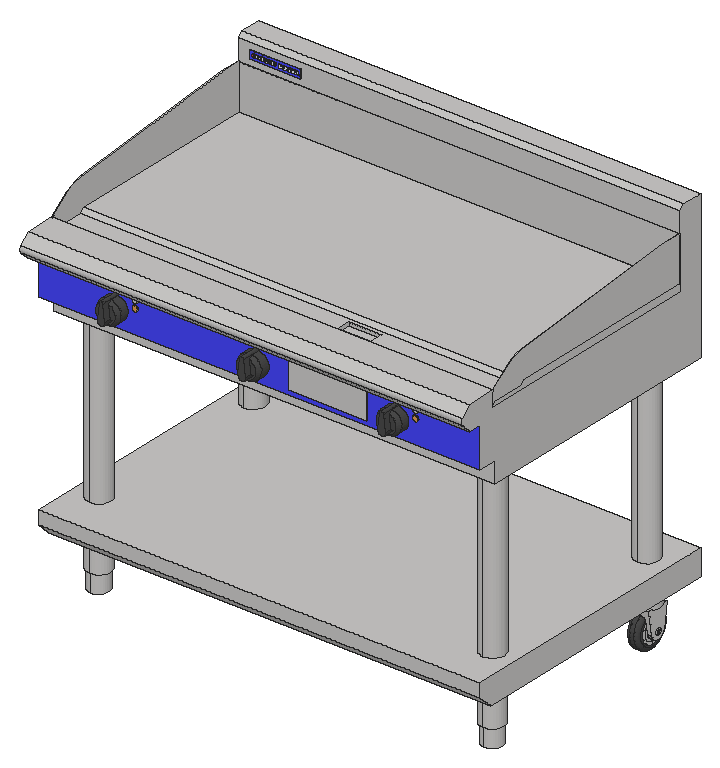
Revit family "QF_MOFFAT_BLUESEAL_CE_EP518-LS", category Specialty Equipment, Revit 2012
Parameters
  Weight in Pounds = 294  # constant formula
  Width [instance] = 1200 mm  # constant formula
  Watts = 18000 W
  Volts = 400 V
  URL Cutsheet = "www.moffat.com"
  URL = "www.moffat.com"
  Type Mark [instance] = ""
  Status [instance] = ""
  Specification by User [instance] = ""
  Specification by Manufacturer = ""
  Show Logo [instance] = yes
  Show Casters [instance] = yes
  Serial Number = ""
  Seismic Rating = ""
  SMACNA No = ""
  Revision Code [instance] = ""
  Phase = 3
  Omniclass Number and Title = ""
  Number of Poles = 1
  NAFEM Spec ID Number = ""
  Model = "EP518-LS"
  Min Ckt Ampacity = 0 A
  Max Overcurrent Protection = 0 A
  Masterspec = ""
  Manufacturer = "MOFFAT BLUESEAL"
  Legs [instance] = not(Show Casters)  # no
  Item Number [instance] = ""
  Installed By [instance] = ""
  Identify Quantity as Lot [instance] = yes
  Height = 970 mm  # constant formula
  HP = ""
  Furnished By [instance] = ""
  Foodservice Equipment Identifier [instance] = yes
  FL Amps = 25 A
  Electrical Remarks [instance] = "25A PER PHASE"
  Elec Conn RI Height = 0 mm
  Elec Conn Connection Height = 0 mm
  Description = "1200MM ELECTRIC GRIDDLE PLATE ON LEG STAND"
  Depth [instance] = 812 mm  # constant formula
  Cycle = 50 Hz
  Conn Plug = ""
  Conn Conduit = yes
  CSI MasterFormat = ""
  CSI Master Format = ""
  Back Splash [instance] = 215 mm  # constant formula
  Apparent Power = if(Phase = 3, Volts * FL Amps * 1.73, Volts * FL Amps)  # 17300 VA
Reference planes
  plane 1 "BACK": y = 0
  plane 2: z = 0
  plane 3 "LEFT": x = 0
  plane 4 "RIGHT": x = 1200
  plane 5 "FRONT": y = -812
  plane 6 "TOP": z = 970
  plane 7 "Center Y": x = 600
  plane 8 "Center X": y = -406
  plane 9 "Base Height": z = 150
  plane 10: z = 915
  plane 11: y = -625
  plane 12: y = -100
  plane 13: x = 1070
  plane 14: y = -32
  plane 15: z = 1085
  plane 16: z = 740
  plane 17: x = 65.5
  plane 18: x = 1134.5
Forms (mm)
  Extrusion 1, solid, material "QF_Finishes_Stainless Steel"
    sketch origin (0, 0, 0) x (0, 1, 0) y (0, 0, 1)
      loop
        line (0, 222.5) -> (-749, 222.5) -> (-749, 186) -> (-713, 150) -> (0, 150) -> (0, 222.5)
      loop
        line (0, 685) -> (0, 1085) -> (-57.5, 1085) -> (-70, 1072.5) -> (-70, 875) -> (-705, 875) -> (-705, 915) -> (-783.97, 915) -> (-808.485, 890.485)
        arc (-808.485, 890.485) -> (-811.999, 882) -> (-808.485, 873.515) r 12
        line (-808.485, 873.515) -> (-784.97, 850) -> (-749, 850) -> (-749, 740) -> (-699, 740) -> (-699, 685) -> (0, 685)
    from 0 to 1200
  Revolve 2, solid, material "QF_Finishes_Stainless Steel", visible <- "Legs"
    sketch origin (65, -210, 0) x (0, 1, 0) y (0, 0, -1)
      loop
        line (78.25, -150) -> (110, -150) -> (110, 0) -> (82.5, 0) -> (82.5, -50) -> (78.25, -50) -> (78.25, -150)
      axis (110, -150) -> (110, 0)
    angle from 0 to 360
  Revolve 3, solid, material "QF_Finishes_Stainless Steel"
    sketch origin (65, -735, 0) x (0, 1, 0) y (0, 0, -1)
      loop
        line (78.25, -150) -> (110, -150) -> (110, 0) -> (82.5, 0) -> (82.5, -50) -> (78.25, -50) -> (78.25, -150)
      axis (110, -150) -> (110, 0)
    angle from 0 to 360
  Revolve 4, solid, material "QF_Finishes_Black"
    sketch origin (217.5, 7, 597.8) x (0, 1, 0) y (0, 0, -1)
      loop
        line (-789, -229.5) -> (-766, -229.5) -> (-766, -202) -> (-756, -202) -> (-756, -197) -> (-800, -197) -> (-800, -223.651) -> (-789, -229.5)
      axis (-800, -197) -> (-756, -197)
    angle from 0 to 360
  Extrusion 5, solid, material "QF_Finishes_Black"
    sketch origin (205.851, 0, 597.958) x (-1, 0, 0) y (0, 0, -1)
      loop
        line (-22.15, -186.037) -> (-16.729, -228.955)
        arc (-16.729, -228.955) -> (-11.73, -233.842) -> (-6.732, -228.955) r 5
        line (-6.732, -228.955) -> (-1.243, -184.87)
        arc (-1.243, -184.87) -> (-12.315, -174.371) -> (-22.15, -186.037) r 10.487
    from 759 to 808
  Extrusion 6, solid, material "QF_Finishes_Stainless Steel"
    sketch origin (0, -749, 866) x (0, 0, -1) y (1, 0, 0)
      loop
        line (25.201, 683) -> (112.1, 683) -> (112.1, 893) -> (25.201, 893) -> (25.201, 683)
    from 0 to 2.5
  Extrusion 7, solid, material "QF_Finishes_Stainless Steel"
    sketch origin (0, -751.5, 866) x (0, 0, -1) y (1, 0, 0)
      loop
        line (32.201, 893) -> (25.201, 893) -> (25.201, 683) -> (32.201, 683) -> (32.201, 893)
    from 0 to 5
  Extrusion 8, void
    sketch origin (0, -756, 740) x (1, 0, 0) y (0, -1, 0)
      loop
        circle (1069.998, -724) r 10
    from 0 to 86.329
  Extrusion 9, solid, material "QF_Finishes_Stainless Steel"
    sketch origin (0, -749, 850) x (0, 0, -1) y (1, 0, 0)
      loop
        circle (45.2, 262.505) r 7.15
    from 0 to 1
  Extrusion 10, solid, material "QF_Finishes_Stainless Steel"
    sketch origin (0, 0, 222.5) x (0, -1, 0) y (1, 0, 0)
      loop
        circle (100, 65) r 31.75
      loop
        circle (625, 65) r 31.75
      loop
        circle (100, 1135) r 31.75
      loop
        circle (625, 1135) r 31.75
    from 0 to 462.5
  Revolve 11, solid, material "QF_Finishes_Stainless Steel", visible <- "Legs"
    sketch origin (65.5, -166, 0) x (0, 1, 0) y (0, 0, 1)
      loop
        line (34.25, 150) -> (34.25, 50) -> (38.5, 50) -> (38.5, 0) -> (66, 0) -> (66, 150) -> (34.25, 150)
      axis (66, 150) -> (66, 0)
    angle from 0 to 360
  Revolve 12, solid, material "QF_Finishes_Stainless Steel", visible <- "Show Casters"
    sketch origin (16.276, -100.755, -13.653) x (1, 0, 0) y (0, 0, 1)
      loop
        line (14.841, 63.604) -> (83.584, 63.604) -> (83.584, 67.109) -> (82.314, 68.379) -> (80.79, 68.379) -> (80.79, 71.826) -> (68.644, 71.826) -> (68.644, 81.79) -> (65.088, 83.843) -> (63.738, 92.179) -> (65.881, 92.179) -> (65.881, 98.529) -> (65.088, 98.529) -> (65.088, 104.879)
        arc (65.088, 104.879) -> (62.298, 111.614) -> (55.563, 114.404) r 9.525
        line (55.563, 114.404) -> (42.863, 114.404)
        arc (42.863, 114.404) -> (36.127, 111.614) -> (33.338, 104.879) r 9.525
        line (33.338, 104.879) -> (33.338, 98.529) -> (32.544, 98.529) -> (32.544, 92.179) -> (34.687, 92.179) -> (33.352, 83.932) -> (29.782, 81.871) -> (29.782, 71.826) -> (17.635, 71.826) -> (17.635, 68.379) -> (16.111, 68.379) -> (14.841, 67.109) -> (14.841, 63.604)
      axis (14.841, 63.604) -> (83.584, 63.604)
    angle from 0 to 360
  Extrusion 13, solid, material "QF_Finishes_Stainless Steel", visible <- "Show Casters"
    sketch origin (72.001, 132.353, -8.783) x (0, 1, 0) y (0, 0, 1)
      loop
        line (-200.603, 118.783) -> (-264.103, 118.783) -> (-251.746, 53.895)
        arc (-251.746, 53.895) -> (-232.353, 38.783) -> (-212.959, 53.895) r 20
        line (-212.959, 53.895) -> (-200.603, 118.783)
    from -35.667 to 22.923
  Revolve 14, solid, material "QF_Finishes_Stainless Steel", visible <- "Show Casters"
    sketch origin (65.5, -204, 0) x (0, 1, 0) y (0, 0, 1)
      loop
        line (68.25, 150) -> (68.25, 110) -> (104, 110) -> (104, 150) -> (68.25, 150)
      axis (104, 150) -> (104, 110)
    angle from 0 to 360
  Revolve 15, solid, material "QF_Finishes_Stainless Steel", visible <- "Legs"
    sketch origin (65.5, -166, 0) x (0, 1, 0) y (0, 0, 1)
      loop
        line (34.25, 150) -> (34.25, 50) -> (38.5, 50) -> (38.5, 0) -> (66, 0) -> (66, 150) -> (34.25, 150)
      axis (66, 150) -> (66, 0)
    angle from 0 to 360
  Extrusion 16, solid, material "QF_Finishes_Stainless Steel"
    sketch origin (0, -749, 850) x (0, 0, -1) y (1, 0, 0)
      loop
        circle (25.2, 262.505) r 7.15
    from 0 to 1
  Extrusion 17, solid, material "QF_Finishes_Stainless Steel"
    sketch origin (462.616, -749, 850) x (0, 0, -1) y (1, 0, 0)
      loop
        circle (45.2, 562.505) r 7.15
    from 0 to 1
  Extrusion 18, solid, material "QF_Finishes_Stainless Steel"
    sketch origin (462.616, -749, 850) x (0, 0, -1) y (1, 0, 0)
      loop
        circle (25.2, 562.505) r 7.15
    from 0 to 1
  Revolve 19, solid, material "QF_Finishes_Black"
    sketch origin (600, 7, 597.8) x (0, 1, 0) y (0, 0, -1)
      loop
        line (-789, -229.5) -> (-766, -229.5) -> (-766, -202) -> (-756, -202) -> (-756, -197) -> (-800, -197) -> (-800, -223.651) -> (-789, -229.5)
      axis (-800, -197) -> (-756, -197)
    angle from 0 to 360
  Extrusion 20, solid, material "QF_Finishes_Black"
    sketch origin (288.542, 0, 597.953) x (-1, 0, 0) y (0, 0, -1)
      loop
        line (-322.15, -186.037) -> (-316.729, -228.955)
        arc (-316.729, -228.955) -> (-311.73, -233.842) -> (-306.732, -228.955) r 5
        line (-306.732, -228.955) -> (-301.243, -184.87)
        arc (-301.243, -184.87) -> (-312.315, -174.371) -> (-322.15, -186.037) r 10.487
    from 759 to 808
  Revolve 21, solid, material "QF_Finishes_Stainless Steel", visible <- "Legs"
    sketch origin (1134, -210, 0) x (0, 1, 0) y (0, 0, -1)
      loop
        line (78.25, -150) -> (110, -150) -> (110, 0) -> (82.5, 0) -> (82.5, -50) -> (78.25, -50) -> (78.25, -150)
      axis (110, -150) -> (110, 0)
    angle from 0 to 360
  Revolve 22, solid, material "QF_Finishes_Stainless Steel"
    sketch origin (1134, -735, 0) x (0, 1, 0) y (0, 0, -1)
      loop
        line (78.25, -150) -> (110, -150) -> (110, 0) -> (82.5, 0) -> (82.5, -50) -> (78.25, -50) -> (78.25, -150)
      axis (110, -150) -> (110, 0)
    angle from 0 to 360
  Revolve 23, solid, material "QF_Finishes_Stainless Steel", visible <- "Legs"
    sketch origin (1134.5, -166, 0) x (0, 1, 0) y (0, 0, 1)
      loop
        line (34.25, 150) -> (34.25, 50) -> (38.5, 50) -> (38.5, 0) -> (66, 0) -> (66, 150) -> (34.25, 150)
      axis (66, 150) -> (66, 0)
    angle from 0 to 360
  Revolve 24, solid, material "QF_Finishes_Stainless Steel", visible <- "Show Casters"
    sketch origin (1085.276, -100.755, -13.653) x (1, 0, 0) y (0, 0, 1)
      loop
        line (14.841, 63.604) -> (83.584, 63.604) -> (83.584, 67.109) -> (82.314, 68.379) -> (80.79, 68.379) -> (80.79, 71.826) -> (68.644, 71.826) -> (68.644, 81.79) -> (65.088, 83.843) -> (63.738, 92.179) -> (65.881, 92.179) -> (65.881, 98.529) -> (65.088, 98.529) -> (65.088, 104.879)
        arc (65.088, 104.879) -> (62.298, 111.614) -> (55.563, 114.404) r 9.525
        line (55.563, 114.404) -> (42.863, 114.404)
        arc (42.863, 114.404) -> (36.127, 111.614) -> (33.338, 104.879) r 9.525
        line (33.338, 104.879) -> (33.338, 98.529) -> (32.544, 98.529) -> (32.544, 92.179) -> (34.687, 92.179) -> (33.352, 83.932) -> (29.782, 81.871) -> (29.782, 71.826) -> (17.635, 71.826) -> (17.635, 68.379) -> (16.111, 68.379) -> (14.841, 67.109) -> (14.841, 63.604)
      axis (14.841, 63.604) -> (83.584, 63.604)
    angle from 0 to 360
  Extrusion 25, solid, material "QF_Finishes_Stainless Steel", visible <- "Show Casters"
    sketch origin (1141.001, 132.353, -8.783) x (0, 1, 0) y (0, 0, 1)
      loop
        line (-200.603, 118.783) -> (-264.103, 118.783) -> (-251.746, 53.895)
        arc (-251.746, 53.895) -> (-232.353, 38.783) -> (-212.959, 53.895) r 20
        line (-212.959, 53.895) -> (-200.603, 118.783)
    from -35.667 to 22.923
  Revolve 26, solid, material "QF_Finishes_Stainless Steel", visible <- "Show Casters"
    sketch origin (1134.5, -204, 0) x (0, 1, 0) y (0, 0, 1)
      loop
        line (68.25, 150) -> (68.25, 110) -> (104, 110) -> (104, 150) -> (68.25, 150)
      axis (104, 150) -> (104, 110)
    angle from 0 to 360
  Revolve 27, solid, material "QF_Finishes_Stainless Steel", visible <- "Legs"
    sketch origin (1134.5, -166, 0) x (0, 1, 0) y (0, 0, 1)
      loop
        line (34.25, 150) -> (34.25, 50) -> (38.5, 50) -> (38.5, 0) -> (66, 0) -> (66, 150) -> (34.25, 150)
      axis (66, 150) -> (66, 0)
    angle from 0 to 360
  Revolve 28, solid, material "QF_Finishes_Black"
    sketch origin (980.116, 7, 597.8) x (0, 1, 0) y (0, 0, -1)
      loop
        line (-789, -229.5) -> (-766, -229.5) -> (-766, -202) -> (-756, -202) -> (-756, -197) -> (-800, -197) -> (-800, -223.651) -> (-789, -229.5)
      axis (-800, -197) -> (-756, -197)
    angle from 0 to 360
  Extrusion 29, solid, material "QF_Finishes_Black"
    sketch origin (668.658, 0, 597.953) x (-1, 0, 0) y (0, 0, -1)
      loop
        line (-322.15, -186.037) -> (-316.729, -228.955)
        arc (-316.729, -228.955) -> (-311.73, -233.842) -> (-306.732, -228.955) r 5
        line (-306.732, -228.955) -> (-301.243, -184.87)
        arc (-301.243, -184.87) -> (-312.315, -174.371) -> (-322.15, -186.037) r 10.487
    from 759 to 808
Cuts and joins
  joined: Extrusion 6, Extrusion 7
  Extrusion 8 cuts Extrusion 1
Lines and regions (mm)
  Split face 1
    outline origin (1200, 0, 1085) x (-1, 0, 0) y (0, -1, 0)
      loop
        arc (924, 45.385) -> (915.34, 40.385) -> (915.34, 30.385) r 10
        line (915.34, 30.385) -> (919.381, 23.385)
        arc (919.381, 23.385) -> (923.041, 19.725) -> (928.041, 18.385) r 10
        line (928.041, 18.385) -> (1156, 18.385)
        arc (1156, 18.385) -> (1164.66, 23.385) -> (1164.66, 33.385) r 10
        line (1164.66, 33.385) -> (1160.619, 40.385)
        arc (1160.619, 40.385) -> (1156.959, 44.045) -> (1151.959, 45.385) r 10
        line (1151.959, 45.385) -> (924, 45.385)
  Split face 2
    outline origin (1200, 0, 1085) x (-1, 0, 0) y (0, -1, 0)
      loop
        arc (34, 45.385) -> (25.34, 40.385) -> (25.34, 30.385) r 10
        line (25.34, 30.385) -> (29.381, 23.385)
        arc (29.381, 23.385) -> (33.041, 19.725) -> (38.041, 18.385) r 10
        line (38.041, 18.385) -> (266, 18.385)
        arc (266, 18.385) -> (274.66, 23.385) -> (274.66, 33.385) r 10
        line (274.66, 33.385) -> (270.619, 40.385)
        arc (270.619, 40.385) -> (266.959, 44.045) -> (261.959, 45.385) r 10
        line (261.959, 45.385) -> (34, 45.385)
  Split face 3
    outline origin (1200, 0, 1085) x (-1, 0, 0) y (0, -1, 0)
      loop
        line (336.021, 18.385) -> (563.979, 18.385)
        arc (563.979, 18.385) -> (572.64, 23.385) -> (572.64, 33.385) r 10
        line (572.64, 33.385) -> (568.598, 40.385)
        arc (568.598, 40.385) -> (564.938, 44.045) -> (559.938, 45.385) r 10
        line (559.938, 45.385) -> (331.979, 45.385)
        arc (331.979, 45.385) -> (323.319, 40.385) -> (323.319, 30.385) r 10
        line (323.319, 30.385) -> (327.36, 23.385)
        arc (327.36, 23.385) -> (331.021, 19.725) -> (336.021, 18.385) r 10
  Split face 4
    outline origin (495, -751.5, 753.9) x (1, 0, 0) y (0, 0, 1)
      loop
        arc (300, 69) -> (304, 73) -> (300, 77) r 4
        line (300, 77) -> (286, 77)
        arc (286, 77) -> (282, 73) -> (286, 69) r 4
        line (286, 69) -> (300, 69)
  Split face 5
    outline origin (1200, -749, 850) x (-1, 0, 0) y (0, 0, -1)
      loop
        circle (554.995, 45.2) r 7.15
  Split face 6
    outline origin (1200, -749, 850) x (-1, 0, 0) y (0, 0, -1)
      loop
        circle (554.995, 25.2) r 7.15
  Split face 7
    outline origin (1200, 0, 1085) x (-1, 0, 0) y (0, -1, 0)
      loop
        arc (863.979, 18.385) -> (872.64, 23.385) -> (872.64, 33.385) r 10
        line (872.64, 33.385) -> (868.598, 40.385)
        arc (868.598, 40.385) -> (864.938, 44.045) -> (859.938, 45.385) r 10
        line (859.938, 45.385) -> (631.979, 45.385)
        arc (631.979, 45.385) -> (623.319, 40.385) -> (623.319, 30.385) r 10
        line (623.319, 30.385) -> (627.36, 23.385)
        arc (627.36, 23.385) -> (631.021, 19.725) -> (636.021, 18.385) r 10
        line (636.021, 18.385) -> (863.979, 18.385)
  symbolic lines
    curve 1: line (0, 0, 0) -> (0, -812, 0)
    curve 2: line (1200, 0, 0) -> (0, 0, 0)
    curve 3: line (1200, -812, 0) -> (1200, 0, 0)
    curve 4: line (0, -70, 0) -> (1200, -70, 0)
    curve 5: line (0, -812, 0) -> (1200, -812, 0)
    curve 10: line (0, -57.5, 0) -> (1200, -57.5, 0)
    curve 11: line (0, -783.97, 0) -> (1200, -783.97, 0)
    curve 12: line (636.021, -18.385, 0) -> (863.979, -18.385, 0)
    curve 13: arc (863.979, -18.385, 0) -> (868.979, -19.725, 0) -> (872.64, -23.385, 0) r 10
    curve 14: line (872.64, -23.385, 0) -> (876.681, -30.385, 0)
    curve 15: arc (876.681, -30.385, 0) -> (876.681, -40.385, 0) -> (868.021, -45.385, 0) r 10
    curve 16: line (868.021, -45.385, 0) -> (640.062, -45.385, 0)
    curve 17: arc (640.062, -45.385, 0) -> (635.062, -44.045, 0) -> (631.402, -40.385, 0) r 10
    curve 18: line (631.402, -40.385, 0) -> (627.36, -33.385, 0)
    curve 19: arc (627.36, -33.385, 0) -> (627.36, -23.385, 0) -> (636.021, -18.385, 0) r 10
    curve 20: line (336.021, -18.385, 0) -> (563.979, -18.385, 0)
    curve 21: arc (563.979, -18.385, 0) -> (568.979, -19.725, 0) -> (572.64, -23.385, 0) r 10
    curve 22: line (572.64, -23.385, 0) -> (576.681, -30.385, 0)
    curve 23: arc (576.681, -30.385, 0) -> (576.681, -40.385, 0) -> (568.021, -45.385, 0) r 10
    curve 24: line (568.021, -45.385, 0) -> (340.062, -45.385, 0)
    curve 25: arc (340.062, -45.385, 0) -> (335.062, -44.045, 0) -> (331.402, -40.385, 0) r 10
    curve 26: line (331.402, -40.385, 0) -> (327.36, -33.385, 0)
    curve 27: arc (327.36, -33.385, 0) -> (327.36, -23.385, 0) -> (336.021, -18.385, 0) r 10
    curve 28: line (44, -18.385, 0) -> (271.959, -18.385, 0)
    curve 29: arc (271.959, -18.385, 0) -> (276.959, -19.725, 0) -> (280.619, -23.385, 0) r 10
    curve 30: line (280.619, -23.385, 0) -> (284.66, -30.385, 0)
    curve 31: arc (284.66, -30.385, 0) -> (284.66, -40.385, 0) -> (276, -45.385, 0) r 10
    curve 32: line (276, -45.385, 0) -> (48.041, -45.385, 0)
    curve 33: arc (48.041, -45.385, 0) -> (43.041, -44.045, 0) -> (39.381, -40.385, 0) r 10
    curve 34: line (39.381, -40.385, 0) -> (35.34, -33.385, 0)
    curve 35: arc (35.34, -33.385, 0) -> (35.34, -23.385, 0) -> (44, -18.385, 0) r 10
    curve 36: line (1161.959, -18.385, 0) -> (934, -18.385, 0)
    curve 37: arc (934, -18.385, 0) -> (925.34, -23.385, 0) -> (925.34, -33.385, 0) r 10
    curve 38: line (925.34, -33.385, 0) -> (929.381, -40.385, 0)
    curve 39: arc (929.381, -40.385, 0) -> (933.041, -44.045, 0) -> (938.041, -45.385, 0) r 10
    curve 40: line (938.041, -45.385, 0) -> (1166, -45.385, 0)
    curve 41: arc (1166, -45.385, 0) -> (1174.66, -40.385, 0) -> (1174.66, -30.385, 0) r 10
    curve 42: line (1174.66, -30.385, 0) -> (1170.619, -23.385, 0)
    curve 43: arc (1170.619, -23.385, 0) -> (1166.959, -19.725, 0) -> (1161.959, -18.385, 0) r 10
  symbolic lines, style "SpecialityEquipmentHiddenLines", visible <- "Show Casters"
    curve 6: line (78.456, -46.735, 0) -> (105.952, -62.61, 0)
    curve 7: line (27.656, -134.723, 0) -> (78.456, -46.735, 0)
    curve 8: line (55.152, -150.598, 0) -> (27.656, -134.723, 0)
    curve 9: line (105.952, -62.61, 0) -> (55.152, -150.598, 0)
    curve 44: line (1147.456, -46.735, 0) -> (1174.952, -62.61, 0)
    curve 45: line (1096.656, -134.723, 0) -> (1147.456, -46.735, 0)
    curve 46: line (1124.152, -150.598, 0) -> (1096.656, -134.723, 0)
    curve 47: line (1174.952, -62.61, 0) -> (1124.152, -150.598, 0)
Dimensions and locks
  equal spacing: plane 3 "LEFT", plane 7 "Center Y", plane 4 "RIGHT"
  "Width": plane 3 "LEFT" to plane 4 "RIGHT"
  equal spacing: plane 5 "FRONT", plane 8 "Center X", plane 1 "BACK"
  "Depth": plane 5 "FRONT" to plane 1 "BACK"
  locked: plane 10 to level at 915
  locked: plane 9 "Base Height" to level at 150
  plane 6 "TOP" to plane 10 = 55 mm
  plane 11 to plane 12 = 525 mm
  plane 13 to plane 4 "RIGHT" = 130 mm
  plane 14 to plane 1 "BACK" = 32 mm
  plane 15 to plane 2 = 1085 mm
  Revolve 12 sketch curve to Revolve 12 sketch curve = 50.8 mm
  Extrusion 8 sketch curve to plane 1 "BACK" = 32 mm
  plane 16 to plane 2 = 740 mm
  Revolve 24 sketch curve to Revolve 24 sketch curve = 50.8 mm
  aligned and locked: level to plane 2
Automatic sketch dimensions
  Extrusion 1 sketch curve to plane 10 = 0 mm
  Extrusion 1 sketch curve to plane 16 = 0 mm
  Extrusion 1 sketch curve to plane 9 "Base Height" = 0 mm
  Extrusion 1 sketch curve to plane 15 = 0 mm
  Extrusion 1 sketch curve to plane 1 "BACK" = 0 mm  (x2)
  Extrusion 1 sketch curve to plane 14 = 25.5 mm
  plane 12 to Extrusion 1 sketch curve = 30 mm
  Extrusion 1 sketch curve to plane 11 = 74 mm
  Extrusion 1 sketch curve to plane 10 = 40 mm
  Extrusion 1 sketch curve to plane 11 = 80 mm
  Extrusion 1 sketch curve to plane 11 = 88 mm
  Extrusion 1 sketch curve to Extrusion 1 sketch curve = 44 mm
  Extrusion 1 sketch curve to Extrusion 1 sketch curve = 36 mm
  Extrusion 1 sketch curve to plane 5 "FRONT" = 28.03 mm
  Extrusion 1 sketch curve to plane 5 "FRONT" = 27.03 mm
  Extrusion 1 sketch curve to plane 5 "FRONT" = 12.001 mm
  Extrusion 1 sketch curve to plane 5 "FRONT" = 3.515 mm  (x2)
  plane 9 "Base Height" to Extrusion 1 sketch curve = 36 mm
  Extrusion 1 sketch curve to Extrusion 1 sketch curve = 36.5 mm
  Extrusion 1 sketch curve to plane 10 = 65 mm
  Extrusion 1 sketch curve to Extrusion 1 sketch curve = 23.515 mm
  Extrusion 1 sketch curve to Extrusion 1 sketch curve = 8.485 mm
  Extrusion 1 sketch curve to plane 15 = 12.5 mm
  Revolve 2 sketch curve to plane 9 "Base Height" = 0 mm
  Revolve 2 sketch curve to level = 0 mm
  Revolve 2 sketch curve to plane 12 = 0 mm  (x2)
  Revolve 2 sketch curve to plane 12 = 27.5 mm
  Revolve 2 sketch curve to plane 12 = 31.75 mm
  level to Revolve 2 sketch curve = 50 mm
  Revolve 2 sketch curve to Revolve 2 sketch curve = 0 mm
  Revolve 2 sketch curve to Revolve 2 sketch curve = 55 mm
  Revolve 3 sketch curve to plane 9 "Base Height" = 0 mm
  Revolve 3 sketch curve to level = 0 mm
  Revolve 3 sketch curve to plane 11 = 0 mm  (x2)
  Revolve 3 sketch curve to plane 11 = 27.5 mm
  Revolve 3 sketch curve to plane 11 = 31.75 mm
  level to Revolve 3 sketch curve = 50 mm
  Revolve 3 sketch curve to Revolve 3 sketch curve = 0 mm
  Revolve 3 sketch curve to Revolve 3 sketch curve = 55 mm
  Revolve 4 sketch curve to plane 5 "FRONT" = 19 mm
  Revolve 4 sketch curve to Revolve 4 sketch curve = 0 mm  (x2)
  Revolve 4 sketch curve to Revolve 4 sketch curve = 11 mm
  Revolve 4 sketch curve to Revolve 4 sketch curve = 12.7 mm
  Revolve 4 sketch curve to Revolve 4 sketch curve = 23 mm
  Revolve 4 sketch curve to Revolve 4 sketch curve = 10 mm
  plane 16 to Revolve 4 sketch curve = 87.3 mm
  Revolve 4 sketch curve to Revolve 4 sketch curve = 5.849 mm
  Revolve 4 sketch curve to Revolve 4 sketch curve = 27.5 mm
  Revolve 4 sketch curve to Revolve 4 sketch curve = 5 mm
  plane 16 to Extrusion 5 sketch curve = 43.995 mm
  plane 17 to Extrusion 5 sketch curve = 162.5 mm
  Extrusion 5 sketch curve to Extrusion 5 sketch curve = 5.421 mm
  Extrusion 5 sketch curve to Extrusion 5 sketch curve = 10.419 mm
  Extrusion 5 sketch curve to Extrusion 5 sketch curve = 4.999 mm  (x2)
  plane 16 to Extrusion 5 sketch curve = 86.913 mm
  Extrusion 5 sketch curve to Extrusion 5 sketch curve = 10.487 mm
  Extrusion 5 sketch curve to Extrusion 5 sketch curve = 0.113 mm
  Extrusion 5 sketch curve to Extrusion 5 sketch curve = 1.167 mm
  Extrusion 6 sketch curve to plane 10 = 74.201 mm
  plane 16 to Extrusion 6 sketch curve = 13.9 mm
  plane 7 "Center Y" to Extrusion 6 sketch curve = 83 mm
  Extrusion 6 sketch curve to plane 13 = 177 mm
  Extrusion 7 sketch curve to Extrusion 6 = 0 mm  (x2)
  Extrusion 6 to Extrusion 7 sketch curve = 0 mm
  Extrusion 7 sketch curve to Extrusion 6 = 7 mm
  Extrusion 8 sketch curve to plane 13 = 0.002 mm
  Extrusion 1 to Extrusion 9 sketch curve = 45.2 mm
  Extrusion 1 to Extrusion 9 sketch curve = 262.505 mm
  Extrusion 10 sketch curve to Extrusion 10 sketch curve = 0 mm  (x8)
  Extrusion 10 sketch curve to plane 12 = 0 mm  (x2)
  Extrusion 10 sketch curve to plane 11 = 0 mm  (x2)
  Extrusion 10 sketch curve to plane 18 = 0.5 mm  (x2)
  Extrusion 10 sketch curve to Extrusion 10 sketch curve = 31.75 mm
  Extrusion 10 sketch curve to plane 17 = 0.5 mm  (x2)
  plane 12 to Extrusion 10 sketch curve = 31.75 mm
  plane 11 to Extrusion 10 sketch curve = 31.75 mm  (x2)
  Revolve 11 sketch curve to plane 9 "Base Height" = 0 mm
  Revolve 11 sketch curve to level = 0 mm
  Revolve 11 sketch curve to plane 12 = 0 mm  (x2)
  Revolve 11 sketch curve to plane 12 = 27.5 mm
  Revolve 11 sketch curve to plane 12 = 31.75 mm
  Revolve 11 sketch curve to Revolve 11 sketch curve = 55 mm
  level to Revolve 11 sketch curve = 50 mm
  Revolve 11 sketch curve to Revolve 11 sketch curve = 0 mm
  plane 3 "LEFT" to Revolve 12 sketch curve = 31.118 mm
  Revolve 12 sketch curve to Revolve 12 sketch curve = 1.27 mm  (x4)
  Revolve 12 sketch curve to Revolve 12 sketch curve = 1.524 mm  (x2)
  Revolve 12 sketch curve to Revolve 12 sketch curve = 12.146 mm  (x2)
  Revolve 12 sketch curve to plane 17 = 16.68 mm
  Revolve 12 sketch curve to Revolve 12 sketch curve = 0.794 mm  (x2)
  Revolve 12 sketch curve to Revolve 12 sketch curve = 3.57 mm
  Revolve 12 sketch curve to Revolve 12 sketch curve = 2.143 mm
  Revolve 12 sketch curve to plane 17 = 6.361 mm
  plane 17 to Revolve 12 sketch curve = 5.13 mm
  plane 17 to Revolve 12 sketch curve = 6.339 mm
  plane 17 to Revolve 12 sketch curve = 14.515 mm
  Revolve 12 sketch curve to Revolve 12 sketch curve = 1.349 mm  (x2)
  Revolve 12 sketch curve to Revolve 12 sketch curve = 3.556 mm
  Revolve 12 sketch curve to Revolve 12 sketch curve = 33.32 mm
  level to Revolve 12 sketch curve = 49.952 mm
  Revolve 12 sketch curve to Revolve 12 sketch curve = 0 mm
  Revolve 12 sketch curve to Revolve 12 sketch curve = 3.505 mm  (x2)
  Revolve 12 sketch curve to Revolve 12 sketch curve = 3.447 mm  (x2)
  Revolve 12 sketch curve to Revolve 12 sketch curve = 9.964 mm
  Revolve 12 sketch curve to Revolve 12 sketch curve = 10.045 mm
  Revolve 12 sketch curve to Revolve 12 sketch curve = 2.053 mm
  Revolve 12 sketch curve to Revolve 12 sketch curve = 2.061 mm
  Revolve 12 sketch curve to Revolve 12 sketch curve = 8.247 mm
  Revolve 12 sketch curve to Revolve 12 sketch curve = 8.336 mm
  Revolve 12 sketch curve to Revolve 12 sketch curve = 6.35 mm  (x2)
  Extrusion 13 sketch curve to plane 12 = 0 mm
  Extrusion 13 sketch curve to plane 12 = 19.393 mm
  Extrusion 13 sketch curve to plane 12 = 31.75 mm
  plane 12 to Extrusion 13 sketch curve = 19.393 mm
  plane 12 to Extrusion 13 sketch curve = 31.75 mm
  level to Extrusion 13 sketch curve = 45.111 mm
  Extrusion 13 sketch curve to Extrusion 13 sketch curve = 4.889 mm
  Extrusion 13 sketch curve to plane 9 "Base Height" = 40 mm
  Revolve 14 sketch curve to plane 9 "Base Height" = 0 mm
  Revolve 14 sketch curve to plane 12 = 0 mm  (x2)
  Revolve 14 sketch curve to plane 12 = 35.75 mm
  Revolve 14 sketch curve to plane 9 "Base Height" = 40 mm
  level to Revolve 14 sketch curve = 50 mm
  Revolve 14 sketch curve to level = 55 mm
  Revolve 15 sketch curve to plane 9 "Base Height" = 0 mm
  Revolve 15 sketch curve to level = 0 mm
  Revolve 15 sketch curve to plane 12 = 0 mm  (x2)
  Revolve 15 sketch curve to plane 12 = 27.5 mm
  Revolve 15 sketch curve to Revolve 15 sketch curve = 31.75 mm
  Revolve 15 sketch curve to Revolve 15 sketch curve = 55 mm
  level to Revolve 15 sketch curve = 50 mm
  Revolve 15 sketch curve to Revolve 15 sketch curve = 0 mm
  Extrusion 1 to Extrusion 16 sketch curve = 25.2 mm
  Extrusion 1 to Extrusion 16 sketch curve = 262.505 mm
  Split face 1 sketch curve to cut or joined group of Extrusion 1, Extrusion 8 = 27.115 mm
  Split face 1 sketch curve to cut or joined group of Extrusion 1, Extrusion 8 = 284.66 mm
  Split face 1 sketch curve to cut or joined group of Extrusion 1, Extrusion 8 = 23.385 mm
  Split face 1 sketch curve to Split face 1 sketch curve = 4.041 mm  (x4)
  Split face 1 sketch curve to Split face 1 sketch curve = 8.66 mm  (x2)
  Split face 1 sketch curve to cut or joined group of Extrusion 1, Extrusion 8 = 22.115 mm
  Split face 1 sketch curve to cut or joined group of Extrusion 1, Extrusion 8 = 48.041 mm
  Split face 1 sketch curve to cut or joined group of Extrusion 1, Extrusion 8 = 17.115 mm
  Split face 1 sketch curve to Split face 1 sketch curve = 17 mm
  Split face 1 sketch curve to Split face 1 sketch curve = 7 mm
  Split face 2 sketch curve to cut or joined group of Extrusion 1, Extrusion 8 = 25.34 mm
  Split face 2 sketch curve to Split face 2 sketch curve = 4.041 mm  (x4)
  Split face 2 sketch curve to Split face 2 sketch curve = 8.66 mm  (x2)
  Split face 2 sketch curve to cut or joined group of Extrusion 1, Extrusion 8 = 22.115 mm
  Split face 2 sketch curve to Split face 2 sketch curve = 223.917 mm
  Split face 2 sketch curve to cut or joined group of Extrusion 1, Extrusion 8 = 17.115 mm
  Split face 2 sketch curve to Split face 2 sketch curve = 10 mm
  Split face 2 sketch curve to Split face 2 sketch curve = 7 mm  (x3)
  Split face 3 sketch curve to cut or joined group of Extrusion 1, Extrusion 8 = 27.115 mm
  Split face 3 sketch curve to cut or joined group of Extrusion 1, Extrusion 8 = 323.319 mm
  Split face 3 sketch curve to cut or joined group of Extrusion 1, Extrusion 8 = 23.385 mm
  Split face 3 sketch curve to Split face 3 sketch curve = 4.041 mm  (x3)
  Split face 3 sketch curve to Split face 3 sketch curve = 8.66 mm  (x3)
  Split face 3 sketch curve to cut or joined group of Extrusion 1, Extrusion 8 = 12.115 mm
  Split face 3 sketch curve to Split face 3 sketch curve = 223.917 mm
  Split face 3 sketch curve to cut or joined group of Extrusion 1, Extrusion 8 = 18.385 mm
  Split face 3 sketch curve to Split face 3 sketch curve = 10 mm
  Split face 3 sketch curve to Split face 3 sketch curve = 7 mm
  Extrusion 1 to Extrusion 17 sketch curve = 45.2 mm
  Extrusion 1 to Extrusion 17 sketch curve = 174.879 mm
  Extrusion 1 to Extrusion 18 sketch curve = 25.2 mm
  Extrusion 1 to Extrusion 18 sketch curve = 174.879 mm
  cut or joined group of Extrusion 6, Extrusion 7 to Split face 4 sketch curve = 10.899 mm
  Split face 4 sketch curve to cut or joined group of Extrusion 6, Extrusion 7 = 98 mm
  Split face 4 sketch curve to Split face 4 sketch curve = 14 mm
  Split face 4 sketch curve to Split face 4 sketch curve = 4 mm
  Revolve 19 sketch curve to plane 5 "FRONT" = 19 mm
  Revolve 19 sketch curve to Revolve 19 sketch curve = 0 mm  (x2)
  Revolve 19 sketch curve to Revolve 19 sketch curve = 11 mm
  Revolve 19 sketch curve to Revolve 19 sketch curve = 12.7 mm
  Revolve 19 sketch curve to Revolve 19 sketch curve = 23 mm
  Revolve 19 sketch curve to Revolve 19 sketch curve = 10 mm
  plane 16 to Revolve 19 sketch curve = 87.3 mm
  Revolve 19 sketch curve to Revolve 19 sketch curve = 5.849 mm
  Revolve 19 sketch curve to Revolve 19 sketch curve = 27.5 mm
  Revolve 19 sketch curve to Revolve 19 sketch curve = 5 mm
  plane 7 "Center Y" to Extrusion 20 sketch curve = 10.691 mm
  plane 7 "Center Y" to Extrusion 20 sketch curve = 5.271 mm
  plane 7 "Center Y" to Extrusion 20 sketch curve = 0.272 mm  (x2)
  Extrusion 20 sketch curve to plane 7 "Center Y" = 4.726 mm
  Extrusion 20 sketch curve to plane 7 "Center Y" = 10.215 mm
  plane 16 to Extrusion 20 sketch curve = 86.908 mm
  Extrusion 20 sketch curve to Extrusion 20 sketch curve = 0.113 mm
  Extrusion 20 sketch curve to Extrusion 20 sketch curve = 42.919 mm
  Extrusion 20 sketch curve to Extrusion 20 sketch curve = 1.167 mm
  Revolve 21 sketch curve to plane 9 "Base Height" = 0 mm
  Revolve 21 sketch curve to level = 0 mm
  Revolve 21 sketch curve to plane 12 = 0 mm  (x2)
  Revolve 21 sketch curve to plane 12 = 27.5 mm
  Revolve 21 sketch curve to plane 12 = 31.75 mm
  level to Revolve 21 sketch curve = 50 mm
  Revolve 21 sketch curve to Revolve 21 sketch curve = 0 mm
  Revolve 21 sketch curve to Revolve 21 sketch curve = 55 mm
  Revolve 22 sketch curve to plane 9 "Base Height" = 0 mm
  Revolve 22 sketch curve to level = 0 mm
  Revolve 22 sketch curve to plane 11 = 0 mm  (x2)
  Revolve 22 sketch curve to plane 11 = 27.5 mm
  Revolve 22 sketch curve to plane 11 = 31.75 mm
  level to Revolve 22 sketch curve = 50 mm
  Revolve 22 sketch curve to Revolve 22 sketch curve = 0 mm
  Revolve 22 sketch curve to Revolve 22 sketch curve = 55 mm
  Revolve 23 sketch curve to plane 9 "Base Height" = 0 mm
  Revolve 23 sketch curve to level = 0 mm
  Revolve 23 sketch curve to plane 12 = 0 mm  (x2)
  Revolve 23 sketch curve to plane 12 = 27.5 mm
  Revolve 23 sketch curve to plane 12 = 31.75 mm
  Revolve 23 sketch curve to Revolve 23 sketch curve = 55 mm
  level to Revolve 23 sketch curve = 50 mm
  Revolve 23 sketch curve to Revolve 23 sketch curve = 0 mm
  plane 13 to Revolve 24 sketch curve = 30.118 mm
  Revolve 24 sketch curve to Revolve 24 sketch curve = 1.27 mm  (x4)
  Revolve 24 sketch curve to Revolve 24 sketch curve = 1.524 mm  (x2)
  Revolve 24 sketch curve to Revolve 24 sketch curve = 12.146 mm  (x2)
  plane 18 to Revolve 24 sketch curve = 16.68 mm
  Revolve 24 sketch curve to Revolve 24 sketch curve = 0.794 mm  (x2)
  Revolve 24 sketch curve to Revolve 24 sketch curve = 3.57 mm
  Revolve 24 sketch curve to Revolve 24 sketch curve = 2.143 mm
  plane 18 to Revolve 24 sketch curve = 6.361 mm
  Revolve 24 sketch curve to plane 18 = 5.13 mm
  Revolve 24 sketch curve to plane 18 = 6.339 mm
  Revolve 24 sketch curve to plane 18 = 14.515 mm
  Revolve 24 sketch curve to Revolve 24 sketch curve = 1.349 mm  (x2)
  Revolve 24 sketch curve to Revolve 24 sketch curve = 3.556 mm
  Revolve 24 sketch curve to plane 4 "RIGHT" = 2.18 mm
  level to Revolve 24 sketch curve = 49.952 mm
  Revolve 24 sketch curve to Revolve 24 sketch curve = 0 mm
  Revolve 24 sketch curve to Revolve 24 sketch curve = 3.505 mm  (x2)
  Revolve 24 sketch curve to Revolve 24 sketch curve = 3.447 mm  (x2)
  Revolve 24 sketch curve to Revolve 24 sketch curve = 9.964 mm
  Revolve 24 sketch curve to Revolve 24 sketch curve = 10.045 mm
  Revolve 24 sketch curve to Revolve 24 sketch curve = 2.053 mm
  Revolve 24 sketch curve to Revolve 24 sketch curve = 2.061 mm
  Revolve 24 sketch curve to Revolve 24 sketch curve = 8.247 mm
  Revolve 24 sketch curve to Revolve 24 sketch curve = 8.336 mm
  Revolve 24 sketch curve to Revolve 24 sketch curve = 6.35 mm  (x2)
  Extrusion 25 sketch curve to plane 12 = 0 mm
  Extrusion 25 sketch curve to plane 12 = 19.393 mm
  Extrusion 25 sketch curve to plane 12 = 31.75 mm
  plane 12 to Extrusion 25 sketch curve = 19.393 mm
  plane 12 to Extrusion 25 sketch curve = 31.75 mm
  level to Extrusion 25 sketch curve = 45.111 mm
  Extrusion 25 sketch curve to Extrusion 25 sketch curve = 4.889 mm
  Extrusion 25 sketch curve to plane 9 "Base Height" = 40 mm
  Revolve 26 sketch curve to plane 9 "Base Height" = 0 mm
  Revolve 26 sketch curve to plane 12 = 0 mm  (x2)
  Revolve 26 sketch curve to plane 12 = 35.75 mm
  Revolve 26 sketch curve to plane 9 "Base Height" = 40 mm
  level to Revolve 26 sketch curve = 50 mm
  Revolve 26 sketch curve to level = 55 mm
  Revolve 27 sketch curve to plane 9 "Base Height" = 0 mm
  Revolve 27 sketch curve to level = 0 mm
  Revolve 27 sketch curve to plane 12 = 0 mm  (x2)
  Revolve 27 sketch curve to plane 12 = 27.5 mm
  Revolve 27 sketch curve to Revolve 27 sketch curve = 31.75 mm
  Revolve 27 sketch curve to Revolve 27 sketch curve = 55 mm
  level to Revolve 27 sketch curve = 50 mm
  Revolve 27 sketch curve to Revolve 27 sketch curve = 0 mm
  Revolve 28 sketch curve to plane 5 "FRONT" = 19 mm
  Revolve 28 sketch curve to Revolve 28 sketch curve = 0 mm  (x2)
  Revolve 28 sketch curve to Revolve 28 sketch curve = 11 mm
  Revolve 28 sketch curve to Revolve 28 sketch curve = 12.7 mm
  Revolve 28 sketch curve to Revolve 28 sketch curve = 23 mm
  Revolve 28 sketch curve to Revolve 28 sketch curve = 10 mm
  plane 16 to Revolve 28 sketch curve = 87.3 mm
  Revolve 28 sketch curve to Revolve 28 sketch curve = 5.849 mm
  Revolve 28 sketch curve to Revolve 28 sketch curve = 27.5 mm
  Revolve 28 sketch curve to Revolve 28 sketch curve = 5 mm
  Extrusion 29 sketch curve to plane 13 = 79.193 mm
  Extrusion 29 sketch curve to Extrusion 29 sketch curve = 5.421 mm
  Extrusion 29 sketch curve to Extrusion 29 sketch curve = 10.419 mm
  Extrusion 29 sketch curve to Extrusion 29 sketch curve = 4.999 mm  (x2)
  plane 16 to Extrusion 29 sketch curve = 86.908 mm
  Extrusion 29 sketch curve to Extrusion 29 sketch curve = 10.487 mm
  Extrusion 29 sketch curve to Extrusion 29 sketch curve = 0.113 mm
  Extrusion 29 sketch curve to Extrusion 29 sketch curve = 42.919 mm
  Extrusion 29 sketch curve to Extrusion 29 sketch curve = 1.167 mm
  Split face 7 sketch curve to cut or joined group of Extrusion 1, Extrusion 8 = 27.115 mm
  Split face 7 sketch curve to cut or joined group of Extrusion 1, Extrusion 8 = 576.681 mm
  Split face 7 sketch curve to Split face 7 sketch curve = 4.041 mm  (x4)
  Split face 7 sketch curve to Split face 7 sketch curve = 8.66 mm  (x2)
  Split face 7 sketch curve to cut or joined group of Extrusion 1, Extrusion 8 = 12.115 mm
  Split face 7 sketch curve to Split face 7 sketch curve = 223.917 mm
  Split face 7 sketch curve to Split face 7 sketch curve = 7 mm  (x3)
  Split face 7 sketch curve to Split face 7 sketch curve = 17 mm
  Extrusion 1 sketch curve to Extrusion 1 sketch curve = 55 mm
  plane 1 "BACK" to curve 1 = 0 mm
  curve 1 to plane 3 "LEFT" = 0 mm
  curve 4 to plane 4 "RIGHT" = 0 mm
  plane 5 "FRONT" to curve 1 = 0 mm
  plane 3 "LEFT" to curve 7 = 27.656 mm
  curve 35 to plane 14 = 1.385 mm
  curve 35 to plane 17 = 30.16 mm
  curve 34 to curve 33 = 4.041 mm
  plane 14 to curve 28 = 13.615 mm
  curve 35 to curve 28 = 8.66 mm
  curve 33 to plane 14 = 3.385 mm
  curve 35 to curve 33 = 4.041 mm
  curve 9 to plane 17 = 10.348 mm
  plane 17 to curve 6 = 12.956 mm
  plane 14 to curve 29 = 3.615 mm
  curve 6 to curve 29 = 166.007 mm
  curve 31 to plane 14 = 3.385 mm
  curve 29 to curve 31 = 4.041 mm  (x2)
  plane 14 to curve 30 = 8.615 mm
  plane 14 to curve 31 = 1.615 mm
  curve 26 to plane 14 = 1.385 mm
  curve 30 to curve 26 = 42.7 mm
  curve 26 to plane 14 = 8.385 mm
  curve 26 to curve 26 = 4.041 mm
  plane 14 to curve 27 = 13.615 mm
  curve 27 to curve 27 = 8.66 mm
  curve 25 to plane 14 = 3.385 mm
  curve 27 to curve 25 = 4.041 mm
  curve 21 to plane 7 "Center Y" = 36.021 mm
  curve 21 to curve 24 = 4.041 mm
  plane 14 to curve 21 = 8.615 mm
  curve 21 to curve 21 = 8.66 mm
  plane 14 to curve 23 = 1.615 mm
  curve 22 to curve 23 = 4.041 mm
  curve 19 to plane 14 = 1.385 mm
  plane 7 "Center Y" to curve 19 = 27.36 mm
  curve 18 to plane 14 = 8.385 mm
  curve 18 to curve 18 = 4.041 mm
  plane 14 to curve 19 = 3.615 mm
  curve 18 to curve 19 = 8.66 mm
  curve 17 to curve 16 = 8.66 mm
  curve 12 to plane 13 = 206.021 mm
  curve 13 to curve 16 = 4.041 mm
  plane 14 to curve 14 = 8.615 mm
  curve 13 to curve 14 = 8.66 mm
  plane 14 to curve 15 = 1.615 mm
  curve 13 to curve 15 = 4.041 mm
  curve 37 to plane 14 = 1.385 mm
  curve 15 to curve 37 = 48.659 mm
  curve 38 to curve 39 = 4.041 mm
  curve 37 to curve 37 = 8.66 mm
  curve 39 to plane 14 = 3.385 mm
  curve 37 to curve 39 = 4.041 mm
  plane 13 to curve 46 = 26.656 mm
  plane 18 to curve 46 = 10.348 mm
  curve 45 to plane 18 = 12.956 mm
  plane 14 to curve 36 = 13.615 mm
  curve 36 to plane 18 = 27.459 mm
  curve 43 to curve 41 = 4.041 mm
  plane 14 to curve 42 = 8.615 mm
  curve 43 to curve 42 = 8.66 mm
  plane 14 to curve 42 = 1.615 mm
  curve 42 to curve 42 = 4.041 mm
  curve 11 to plane 5 "FRONT" = 28.03 mm
  curve 46 to plane 12 = 50.598 mm
  curve 9 to plane 12 = 50.598 mm
  curve 46 to curve 46 = 15.875 mm
  curve 8 to curve 8 = 15.875 mm
  curve 4 to curve 44 = 7.39 mm
  curve 4 to curve 10 = 12.5 mm
  curve 41 to plane 14 = 13.385 mm
  curve 15 to plane 14 = 13.385 mm
  radius of Extrusion 8 sketch curve = 10 mm
  radius of Extrusion 9 sketch curve = 7.15 mm
  radius of Extrusion 16 sketch curve = 7.15 mm
  radius of Extrusion 17 sketch curve = 7.15 mm
  radius of Extrusion 18 sketch curve = 7.15 mm
Nested families
  nested 1: "WALDORF LOGO_FACE BASE" at (32, -70, 1056.885) x (1, 0, 0) z (0, -1, 0), visible <- "Show Logo", type "WALDORF LOGO_FACE BASE", detail levels medium+fine
    with Show Logo yes
  nested 2: "ELECTRIC GRIDDLE PLATE" at (0, -70, 874.5), type "ELECTRIC GRIDDLE PLATE"
    with Type Mark "", Status "", Specification by User "", Revision Code "", Item Number "", Installed By "", Identify Quantity as Lot yes, Furnished By "", Foodservice Equipment Identifier yes
Connectors
  electrical at (1069.998, -32, 740), driven by "Volts", driven by "Watts"
    settings: on cut or joined group of Extrusion 1, Extrusion 8, index 1, voltage 400 V, apparent load 18000 VA, apparent load phase1 0 VA, apparent load phase2 0 VA, apparent load phase3 0 VA, power factor 1, load classification "Other", number of poles 1, system type 30, power factor state 1, is connector primary yes, connector utility no, sub classification motor no, connector description "ELECTRICAL CONNECTION"
Definition of nested family "WALDORF LOGO_FACE BASE"
  Parameters (values of type "WALDORF LOGO_FACE BASE")
    Show Logo [instance] = yes
    Default Elevation = 1219.2 mm
  Reference planes
    plane 1 "Center (Front/Back)": y = 0
    plane 2: z = 0
    plane 3 "Center (Left/Right)": x = 0
  Forms (mm)
    Extrusion 1, solid
      sketch origin (0, 0, 0) x (1, 0, 0) y (0, 1, 0)
        loop
          line (-1219.2, 1219.2) -> (-1219.2, -1219.2) -> (1219.2, -1219.2) -> (1219.2, 1219.2) -> (-1219.2, 1219.2)
      from 0 to -304.8
    Extrusion 2, solid, material "QF_Finishes_Blue", visible <- "Show Logo"
      sketch origin (0, -33.217, 0) x (1, 0, 0) y (0, 1, 0)
        loop
          arc (138, 31.942) -> (137.626, 32.844) -> (136.724, 33.217) r 1.276
          line (136.724, 33.217) -> (1.29, 33.217)
          arc (1.29, 33.217) -> (0.378, 32.839) -> (0, 31.927) r 1.29
          line (0, 31.927) -> (0, 11.507)
          arc (0, 11.507) -> (0.378, 10.595) -> (1.29, 10.217) r 1.29
          line (1.29, 10.217) -> (136.71, 10.217)
          arc (136.71, 10.217) -> (137.622, 10.595) -> (138, 11.507) r 1.29
          line (138, 11.507) -> (138, 31.942)
      from 0 to 1.588
    Extrusion 3, solid, material "QF_Finishes_White", visible <- "Show Logo"
      sketch origin (0, -33.217, 1.588) x (1, 0, 0) y (0, 1, 0)
        loop
          arc (108.946, 25.919) -> (107.613, 25.367) -> (107.061, 24.034) r 1.885
          line (107.061, 24.034) -> (107.061, 17.211) -> (112.704, 17.211) -> (112.704, 19.129) -> (115.546, 19.129) -> (115.546, 17.211) -> (121.584, 17.211) -> (121.584, 24.075)
          arc (121.584, 24.075) -> (121.043, 25.379) -> (119.739, 25.919) r 1.845
          line (119.739, 25.919) -> (108.946, 25.919)
        loop
          line (123.478, 25.919) -> (123.478, 17.163) -> (134.904, 17.163) -> (134.904, 19.129) -> (129.246, 19.129) -> (129.246, 25.919) -> (123.478, 25.919)
        loop
          line (112.704, 21.258) -> (115.546, 21.258) -> (115.546, 22.702)
          arc (115.546, 22.702) -> (115.344, 23.188) -> (114.858, 23.389) r 0.687
          line (114.858, 23.389) -> (113.363, 23.389)
          arc (113.363, 23.389) -> (112.897, 23.196) -> (112.704, 22.73) r 0.658
          line (112.704, 22.73) -> (112.704, 21.258)
        loop
          line (105.071, 25.919) -> (93.771, 25.919) -> (93.771, 17.163) -> (105.071, 17.163) -> (105.071, 19.063) -> (99.535, 19.063) -> (99.535, 20.437) -> (105.071, 20.437) -> (105.071, 22.278) -> (99.535, 22.278) -> (99.535, 23.587) -> (105.071, 23.587) -> (105.071, 25.919)
        loop
          line (91.104, 25.919) -> (79.541, 25.919)
          arc (79.541, 25.919) -> (78.558, 25.513) -> (78.152, 24.53) r 1.389
          line (78.152, 24.53) -> (78.152, 22.08)
          arc (78.152, 22.08) -> (78.558, 21.098) -> (79.541, 20.691) r 1.389
          line (79.541, 20.691) -> (86.346, 20.691) -> (86.346, 18.864) -> (83.266, 18.864) -> (83.266, 19.664) -> (78.152, 19.664) -> (78.152, 18.553)
          arc (78.152, 18.553) -> (78.558, 17.57) -> (79.541, 17.163) r 1.389
          line (79.541, 17.163) -> (91.063, 17.163)
          arc (91.063, 17.163) -> (92.045, 17.57) -> (92.452, 18.553) r 1.389
          line (92.452, 18.553) -> (92.452, 20.691)
          arc (92.452, 20.691) -> (92.045, 21.673) -> (91.063, 22.08) r 1.389
          line (91.063, 22.08) -> (83.266, 22.08) -> (83.266, 23.984) -> (86.346, 23.984) -> (86.346, 22.743) -> (92.452, 22.743) -> (92.452, 24.571)
          arc (92.452, 24.571) -> (92.057, 25.524) -> (91.104, 25.919) r 1.348
        loop
          line (70.705, 25.919) -> (59.405, 25.919) -> (59.405, 17.163) -> (70.705, 17.163) -> (70.705, 19.063) -> (65.169, 19.063) -> (65.169, 20.437) -> (70.705, 20.437) -> (70.705, 22.278) -> (65.169, 22.278) -> (65.169, 23.587) -> (70.705, 23.587) -> (70.705, 25.919)
        loop
          line (57.598, 25.919) -> (51.7, 25.919) -> (51.7, 20.18)
          arc (51.7, 20.18) -> (50.63, 19.11) -> (49.56, 20.18) r 1.07
          line (49.56, 20.18) -> (49.56, 25.919) -> (43.663, 25.919) -> (43.663, 19.049)
          arc (43.663, 19.049) -> (44.215, 17.716) -> (45.548, 17.163) r 1.885
          line (45.548, 17.163) -> (55.71, 17.163)
          arc (55.71, 17.163) -> (57.045, 17.716) -> (57.598, 19.051) r 1.887
          line (57.598, 19.051) -> (57.598, 25.919)
        loop
          line (31.62, 25.919) -> (31.62, 17.163) -> (43.046, 17.163) -> (43.046, 19.129) -> (37.388, 19.129) -> (37.388, 25.919) -> (31.62, 25.919)
        loop
          line (15.969, 25.919) -> (15.969, 17.163) -> (28.693, 17.163)
          arc (28.693, 17.163) -> (29.812, 17.627) -> (30.276, 18.746) r 1.582
          line (30.276, 18.746) -> (30.276, 20.447) -> (29.48, 21.243) -> (30.276, 22.039) -> (30.276, 24.332)
          arc (30.276, 24.332) -> (29.811, 25.454) -> (28.688, 25.919) r 1.587
          line (28.688, 25.919) -> (15.969, 25.919)
        loop
          line (21.449, 24.159) -> (21.449, 22.436) -> (23.862, 22.436)
          arc (23.862, 22.436) -> (24.723, 23.298) -> (23.862, 24.159) r 0.861
          line (23.862, 24.159) -> (21.449, 24.159)
        loop
          line (21.449, 20.244) -> (21.449, 18.522) -> (23.862, 18.522)
          arc (23.862, 18.522) -> (24.723, 19.383) -> (23.862, 20.244) r 0.861
          line (23.862, 20.244) -> (21.449, 20.244)
      from 0 to 0.2
    Extrusion 4, solid, material "QF_Finishes_Blue", visible <- "Show Logo"
      sketch origin (-126.498, -31.09, 1.588) x (1, 0, 0) y (0, 1, 0)
        loop
          line (136.738, 23.522) -> (136.738, 15.1)
          arc (136.738, 15.1) -> (140.756, 19.311) -> (136.738, 23.522) r 4.216
      from 0 to 0.2
    Extrusion 5, solid, material "QF_Finishes_Red", visible <- "Show Logo"
      sketch origin (146.849, -31.09, 1.588) x (-1, 0, 0) y (0, -1, 0)
        loop
          arc (136.738, -23.522) -> (140.756, -19.311) -> (136.738, -15.1) r 4.216
          line (136.738, -15.1) -> (136.738, -23.522)
      from 0 to 0.2
  Lines and regions (mm)
    Split face 1
      outline origin (-90.35, -30.793, 1.588) x (1, 0, 0) y (0, 1, 0)
        loop
          circle (100.54, 19.013) r 4.536
  Dimensions and locks
    aligned and locked: plane 2 to Extrusion 1
    aligned and locked: level to Extrusion 1
Definition of nested family "ELECTRIC GRIDDLE PLATE"
  Parameters (values of type "ELECTRIC GRIDDLE PLATE")
    Weight in Pounds = 0
    URL Cutsheet = ""
    Type Mark [instance] = ""
    Status [instance] = ""
    Specification by User [instance] = ""
    Specification by Manufacturer = ""
    Serial Number = ""
    Seismic Rating = ""
    SMACNA No = ""
    Revision Code [instance] = ""
    Omniclass Number and Title = ""
    NAFEM Spec ID Number = ""
    Masterspec = ""
    Item Number [instance] = ""
    Installed By [instance] = ""
    Identify Quantity as Lot [instance] = yes
    Furnished By [instance] = ""
    Foodservice Equipment Identifier [instance] = yes
    CSI MasterFormat = ""
    CSI Master Format = ""
  Reference planes
    plane 1 "BACK": y = 0
    plane 2: z = 0
    plane 3 "LEFT": x = 0
    plane 4 "RIGHT": x = 1200
    plane 5 "FRONT": y = -635
    plane 6 "TOP": z = 142.5
    plane 7 "Center Y": x = 600
    plane 8 "Center X": y = -317.5
  Forms (mm)
    Extrusion 1, solid, material "QF_Finishes_Stainless Steel"
      sketch origin (0, 70.003, -874.5) x (0, 1, 0) y (0, 0, 1)
        loop
          line (-70, 875) -> (-70, 1017) -> (-127.048, 1017) -> (-605.133, 971.023)
          arc (-605.133, 971.023) -> (-630.16, 965.303) -> (-652.906, 953.399) r 100
          line (-652.906, 953.399) -> (-705.003, 916.5) -> (-705.003, 875) -> (-70, 875)
      from 0 to 1.8
    Extrusion 2, solid, material "QF_Finishes_Stainless Steel"
      sketch origin (1200, 0, 0) x (0, -1, 0) y (0, 0, 1)
        loop
          line (57.045, 142.5) -> (-0.003, 142.5) -> (-0.003, 0.5) -> (635, 0.5) -> (635, 42) -> (582.903, 78.899)
          arc (582.903, 78.899) -> (560.157, 90.803) -> (535.13, 96.523) r 100
          line (535.13, 96.523) -> (57.045, 142.5)
      from 0 to 1.8
    Extrusion 3, solid, material "QF_Finishes_Stainless Steel"
      sketch origin (150, 70.003, -874.5) x (0, 1, 0) y (0, 0, 1)
        loop
          line (-70, 895) -> (-601, 895) -> (-611.5, 884.5) -> (-704.403, 884.5) -> (-704.403, 875) -> (-70, 875) -> (-70, 895)
      from -148.2 to 1050
    Extrusion 4, void
      sketch origin (150, -541.497, 10) x (0, -1, 0) y (1, 0, 0)
        loop
          line (10.6, 681.25) -> (10.6, 592.75) -> (49.1, 592.75) -> (49.1, 681.25) -> (10.6, 681.25)
      from -41.4 to 40.142
    Extrusion 5, solid, material "QF_Finishes_Stainless Steel"
      sketch origin (150, 0.003, 211.574) x (0, 0, -1) y (1, 0, 0)
        loop
          line (69.074, -148.2) -> (191.074, -148.2) -> (191.074, 1050) -> (69.074, 1050) -> (69.074, -148.2)
      from 0 to 1.683
  Cuts and joins
    Extrusion 4 cuts Extrusion 3
  Lines and regions (mm)
    symbolic lines
      curve 1: line (1200, -530.997, 0) -> (0, -530.997, 0)
      curve 2: line (0, -541.497, 0) -> (1200, -541.497, 0)
      curve 3: line (742.75, -552.097, 0) -> (742.75, -590.597, 0)
      curve 4: line (742.75, -590.597, 0) -> (831.25, -590.597, 0)
      curve 5: line (831.25, -590.597, 0) -> (831.25, -552.097, 0)
      curve 6: line (831.25, -552.097, 0) -> (742.75, -552.097, 0)
      curve 7: line (0, 0, 0) -> (1200, 0, 0)
      curve 8: line (0, -635, 0) -> (0, 0, 0)
      curve 9: line (0, -635, 0) -> (1200, -635, 0)
      curve 10: line (1200, -635, 0) -> (1200, 0, 0)
  Dimensions and locks
    equal spacing: plane 3 "LEFT", plane 7 "Center Y", plane 4 "RIGHT"
    plane 3 "LEFT" to plane 4 "RIGHT" = 1200 mm
    equal spacing: plane 5 "FRONT", plane 8 "Center X", plane 1 "BACK"
    plane 5 "FRONT" to plane 1 "BACK" = 635 mm
    aligned and locked: level to plane 2
    aligned and locked: cut or joined group of Extrusion 3, Extrusion 4 to plane 4 "RIGHT"
    aligned and locked: Extrusion 5 to plane 4 "RIGHT"
  Automatic sketch dimensions
    plane 3 "LEFT" to curve 9 = 0 mm
    plane 7 "Center Y" to curve 4 = 142.75 mm
    plane 7 "Center Y" to curve 5 = 231.25 mm
    curve 3 to plane 5 "FRONT" = 44.403 mm
    curve 3 to curve 3 = 38.5 mm
    curve 2 to plane 5 "FRONT" = 93.503 mm
    curve 2 to curve 1 = 10.5 mm
    plane 1 "BACK" to curve 8 = 0 mm
    Extrusion 1 sketch curve to plane 5 "FRONT" = 0 mm
    Extrusion 1 sketch curve to plane 6 "TOP" = 0 mm
    Extrusion 1 sketch curve to plane 5 "FRONT" = 52.097 mm
    Extrusion 1 sketch curve to plane 6 "TOP" = 45.977 mm
    Extrusion 1 sketch curve to Extrusion 1 sketch curve = 47.773 mm
    Extrusion 1 sketch curve to level = 3.016 mm
    Extrusion 1 sketch curve to Extrusion 1 sketch curve = 9.585 mm
    plane 1 "BACK" to Extrusion 1 sketch curve = 57.045 mm
    Extrusion 1 sketch curve to plane 1 "BACK" = 0.003 mm
    level to Extrusion 1 sketch curve = 0.5 mm
    Extrusion 1 sketch curve to Extrusion 1 sketch curve = 41.5 mm
    Extrusion 3 sketch curve to plane 5 "FRONT" = 0.6 mm
    level to Extrusion 3 sketch curve = 10 mm
    Extrusion 3 sketch curve to Extrusion 3 sketch curve = 92.903 mm
    Extrusion 3 sketch curve to Extrusion 3 sketch curve = 10.5 mm  (x2)
    Extrusion 3 sketch curve to plane 1 "BACK" = 0.003 mm
    level to Extrusion 3 sketch curve = 0.5 mm
    Extrusion 3 to Extrusion 4 sketch curve = 10.6 mm
    Extrusion 4 sketch curve to Extrusion 4 sketch curve = 38.5 mm
    Extrusion 3 to Extrusion 4 sketch curve = 457.25 mm
    Extrusion 4 sketch curve to Extrusion 4 sketch curve = 88.5 mm
    Extrusion 5 sketch curve to plane 6 "TOP" = 0 mm
    level to Extrusion 5 sketch curve = 20.5 mm
    plane 3 "LEFT" to Extrusion 5 sketch curve = 1.8 mm
    plane 7 "Center Y" to Extrusion 5 sketch curve = 600 mm
    plane 5 "FRONT" to curve 9 = 0 mm
    Extrusion 2 sketch curve to plane 6 "TOP" = 0 mm
    Extrusion 2 sketch curve to plane 5 "FRONT" = 0 mm
    Extrusion 2 sketch curve to plane 5 "FRONT" = 52.097 mm
    Extrusion 2 sketch curve to Extrusion 2 sketch curve = 47.773 mm
    Extrusion 2 sketch curve to level = 3.016 mm
    Extrusion 2 sketch curve to Extrusion 2 sketch curve = 57.358 mm
    plane 1 "BACK" to Extrusion 2 sketch curve = 57.045 mm
    Extrusion 2 sketch curve to plane 1 "BACK" = 0.003 mm
    level to Extrusion 2 sketch curve = 0.5 mm
    Extrusion 2 sketch curve to Extrusion 2 sketch curve = 41.5 mm
    Extrusion 2 sketch curve to plane 6 "TOP" = 63.601 mm
    curve 10 to plane 4 "RIGHT" = 0 mm
